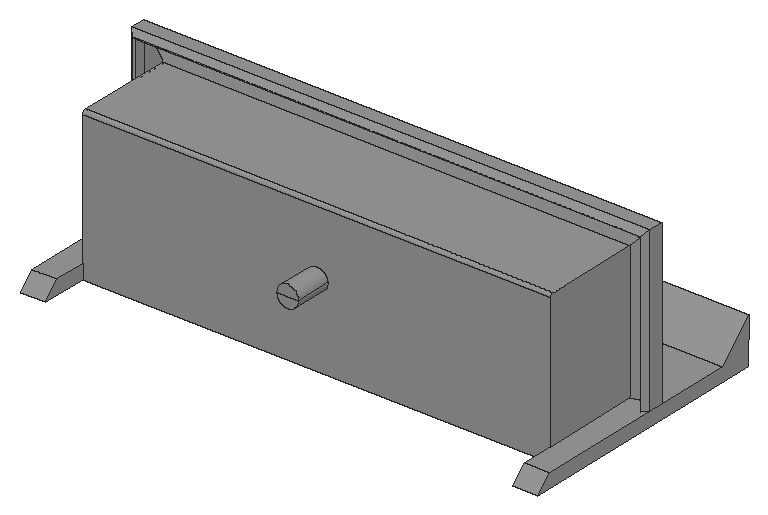
Revit family "Urinal-Willoughby-1800-UW-FA-TS", category Plumbing Fixtures, host Face, Revit 2014
Parameters (values of type "1836")
  Width = 3' - 0"
  Waste DIA = 1 1/2"
  Waste Connection = yes
  Vent Connection = no
  URL = "willoughby-ind.com"
  Type Comments = ""
  Trough Width = Width - 0' 3 1/2"  # 2' - 8 1/2"
  Revision = "A"
  Model = "UW-1836-FA-TS"
  Manufacturer = "Willoughby Industries"
  Half Width = Width / 2  # 1' - 6"
  HW Connection = no
  Fixture Body = Stainless Steel AISI 304-Willoughby(4)
  Description = "36\" Trough Urinal"
  Default Elevation = 0' - 0"
  Contact = "800-428-4065"
  CW inlet Diameter = 3/4"
  CW Connection = yes
  96" = no
  72" = no
  60" = no
  48" = no
  36" = yes
Types (6): name | Width | Trough Width | Half Width | Fixture Body | Description | CW inlet Diameter | 96" | 72" | 60" | 48" | 36"
  (no name) | 3' - 0" | 2' - 8 1/2" | 1' - 6" | Stainless Steel AISI 304-Willoughby(4) | "36\" Trough Urinal" | 3/4" | no | no | no | no | yes
  1848 | 4' - 0" | 3' - 8 1/2" | 2' - 0" | Stainless Steel AISI 304-Willoughby(3) | "48\" Trough Urinal" | 3/4" | no | no | no | yes | no
  1836 | 3' - 0" | 2' - 8 1/2" | 1' - 6" | Stainless Steel AISI 304-Willoughby(4) | "36\" Trough Urinal" | 3/4" | no | no | no | no | yes
  1860 | 5' - 0" | 4' - 8 1/2" | 2' - 6" | Stainless Steel AISI 304-Willoughby(2) | "60\" Trough Urinal" | 3/4" | no | no | yes | no | no
  1872 | 6' - 0" | 5' - 8 1/2" | 3' - 0" | Stainless Steel AISI 304-Willoughby | "72\" Trough Urinal" | 1 1/2" | no | yes | no | no | no
  1896 | 8' - 0" | 7' - 8 1/2" | 4' - 0" | Stainless Steel AISI 304-Willoughby(1) | "96\" Trough Urinal" | 1 1/2" | yes | no | no | no | no
Reference planes (in)
  plane 1 "Center (Front/Back)Floor Level": y = 0
  plane 2: z = 0
  plane 3 "Center (Left/Right)": x = 0
  plane 4 "Top Of Urinal": y = 20
  plane 5 "Top Of Unit": y = 28
  plane 6 "Botto Of Unit": y = 13
  plane 7 "Left extent": x = -18
  plane 8 "Right Extent": x = 18
  plane 9: z = 10.5
  plane 10: x = 16.25
  plane 11: x = -16.25
  plane 12 "Drain Center": z = 5.75
  plane 13 "Top Spud": z = 2.5
  plane 14 "top spud": z = 2.5
  plane 15: x = -16.15625
Forms (in)
  Extrusion 1, solid, material "Stainless Steel AISI 304-Willoughby(4)" <- "Fixture Body"
    sketch origin (0, 0, 0) x (0, 1, 0) y (0, 0, 1)
      loop
        line (13, 0) -> (28, 0) -> (28, 3.25) -> (25.75, 1) -> (13, 1) -> (13, 0)
    from -18 to 18
  Extrusion 2, solid, material "Stainless Steel AISI 304-Willoughby(4)" <- "Fixture Body"
    sketch origin (0, 0, 0) x (0, 1, 0) y (0, 0, 1)
      loop
        line (20, 1) -> (20, 10.5) -> (13.25, 10.5)
        arc (13.25, 10.5) -> (13.07322, 10.42678) -> (13, 10.25) r 0.25
        line (13, 10.25) -> (13, 1) -> (20, 1)
    from -16.25 to 16.25
  Sweep 3, solid, material "Stainless Steel AISI 304-Willoughby(4)" <- "Fixture Body", detail levels medium+fine
    path origin (0, 20, 0) x (-1, 0, 0) y (0, 0, 1)
      loop
        line (-16.25, 1) -> (-16.25, 10.5) -> (16.25, 10.5) -> (16.25, 1)
    profile origin (16.25, 20, 5.75) x (1, 0, 0) y (0, 1, 0)
      loop
        line (0, 0) -> (0, -0.09706) -> (1.65625, 0.34673) -> (1.65625, -0.49226) -> (1.33016, -0.81835) -> (1.39645, -0.88464) -> (1.75, -0.53109) -> (1.75, 0.46891) -> (0, 0)
  Extrusion 4, void
    sketch origin (0, 0, 0) x (0, 1, 0) y (0, 0, 1)
      loop
        line (20, 10.45984) -> (13.36653, 10.45984)
        arc (13.36653, 10.45984) -> (13.18975, 10.38661) -> (13.11653, 10.20984) r 0.25
        line (13.11653, 10.20984) -> (13.11653, 1.06937) -> (20, 1.06937) -> (20, 10.45984)
    from -16.15625 to 16.1513
  Revolve 5, solid, material "Stainless Steel AISI 304-Willoughby(4)" <- "Fixture Body", detail levels medium+fine
    sketch origin (0, 0, 5.75) x (1, 0, 0) y (0, 1, 0)
      loop
        line (0, 13.11653) -> (0, 10.5) -> (0.75, 10.5) -> (0.75, 13.11653) -> (0, 13.11653)
      axis (0, 13.11653) -> (0, 10.5)
    angle from 0 to 360
  Extrusion 6, solid, material "Stainless Steel AISI 304-Willoughby(4)" <- "Fixture Body"
    sketch origin (0, 0, 0) x (0, 1, 0) y (0, 0, 1)
      loop
        line (13, 0) -> (13, 1) -> (10.75, 1) -> (9.75, 0) -> (13, 0)
    from -18 to -16.25
  Extrusion 7, solid, material "Stainless Steel AISI 304-Willoughby(4)" <- "Fixture Body"
    sketch origin (0, 0, 0) x (0, 1, 0) y (0, 0, 1)
      loop
        line (13, 1) -> (10.75, 1) -> (9.75, 0) -> (13, 0) -> (13, 1)
    from 16.25 to 18
  Revolve 8, solid, material "Stainless Steel AISI 304-Willoughby(4)" <- "Fixture Body", detail levels medium+fine
    sketch origin (0, 0, 2.5) x (1, 0, 0) y (0, 1, 0)
      loop
        line (0, 28) -> (0.375, 28) -> (0.375, 29) -> (0, 29) -> (0, 28)
      axis (0, 29) -> (0, 28)
    angle from 0 to 360
Cuts and joins
  Extrusion 4 cuts Extrusion 2
  joined: Extrusion 1, Extrusion 2, Extrusion 6, Extrusion 7
  Extrusion 4 cuts Sweep 3
Lines and regions (in)
  symbolic lines
    curve 1: line (-16.25, 9.75, 2.5) -> (-18, 9.75, 2.5)
    curve 2: line (-18, 9.75, 2.5) -> (-18, 28, 2.5)
    curve 3: line (-18, 28, 2.5) -> (18, 28, 2.5)
    curve 4: line (18, 28, 2.5) -> (18, 9.75, 2.5)
    curve 5: line (18, 9.75, 2.5) -> (16.25, 9.75, 2.5)
    curve 6: line (16.25, 9.75, 2.5) -> (16.25, 13, 2.5)
    curve 7: line (16.25, 13, 2.5) -> (-16.25, 13, 2.5)
    curve 8: line (-16.25, 13, 2.5) -> (-16.25, 20, 2.5)
    curve 9: line (-16.25, 20, 2.5) -> (16.25, 20, 2.5)
    curve 10: line (16.25, 20, 2.5) -> (16.25, 13, 2.5)
    curve 17: line (-16.25, 13, 2.5) -> (-16.25, 9.75, 2.5)
    curve 20: line (-18, 20, 0) -> (18, 20, 0)
    curve 21: line (18, 20, 0) -> (18, 20, 12.25)
    curve 22: line (18, 20, 12.25) -> (-18, 20, 12.25)
    curve 23: line (-18, 20, 12.25) -> (-18, 20, 0)
    curve 29: line (0, 9.75, 0) -> (0, 28, 0)
    curve 30: line (0, 28, 0) -> (0, 28, 3.25)
    curve 31: line (0, 28, 3.25) -> (0, 25.75, 1)
    curve 32: line (0, 25.75, 1) -> (0, 10.75, 1)
    curve 33: line (0, 10.75, 1) -> (0, 9.75, 0)
    curve 34: line (0, 20, 1) -> (0, 20, 10.5)
    curve 35: line (0, 20, 10.5) -> (0, 13.25, 10.5)
    curve 36: arc (0, 13.25, 10.5) -> (0, 13.07322, 10.42678) -> (0, 13, 10.25) r 0.25
    curve 37: line (0, 13, 10.25) -> (0, 13, 1)
  symbolic lines, detail levels fine
    curve 11: line (-17.64645, 19.11536, 2.5) -> (17.64645, 19.11536, 2.5)
    curve 12: line (17.64645, 19.11536, 2.5) -> (18, 19.46891, 2.5)
    curve 13: line (18, 20.46891, 2.5) -> (16.25, 20, 2.5)
    curve 14: line (-17.64645, 19.11536, 2.5) -> (-18, 19.46891, 2.5)
    curve 26: line (-16.25, 20, 1) -> (-16.25, 20, 10.5)
    curve 27: line (-16.25, 20, 10.5) -> (16.25, 20, 10.5)
    curve 28: line (16.25, 20, 10.5) -> (16.25, 20, 1)
    curve 42: line (0, 20.46891, 12.25) -> (0, 20, 10.5)
    curve 43: line (0, 19.46891, 12.25) -> (0, 19.46891, 1)
  symbolic lines, detail levels medium+fine
    curve 15: line (-18, 20.46891, 2.5) -> (18, 20.46891, 2.5)
    curve 16: line (-18, 25.75, 2.5) -> (18, 25.75, 2.5)
    curve 18: line (-16.25, 10.75, 2.5) -> (-18, 10.75, 2.5)
    curve 19: line (16.25, 10.75, 2.5) -> (18, 10.75, 2.5)
    curve 24: line (-18, 20, 1) -> (18, 20, 1)
    curve 25: line (18, 20, 3.25) -> (-18, 20, 3.25)
    curve 38: line (0, 20.46891, 1) -> (0, 20.46891, 12.25)
    curve 39: line (0, 20.46891, 12.25) -> (0, 19.46891, 12.25)
    curve 40: line (0, 19.46891, 12.25) -> (0, 19.11536, 11.89645)
    curve 41: line (0, 19.11536, 11.89645) -> (0, 19.11536, 1)
Dimensions and locks (in)
  "Width": plane 7 "Left extent" to plane 8 "Right Extent"
  equal spacing: plane 7 "Left extent", plane 3 "Center (Left/Right)", plane 8 "Right Extent"
  plane 3 "Center (Left/Right)" to plane 8 "Right Extent" = 1' - 6"
  "Trough Width": plane 11 to plane 10
  equal spacing: plane 11, plane 3 "Center (Left/Right)", plane 10
  cut or joined group of Extrusion 1, Extrusion 2, Extrusion 4, Extrusion 6, Extrusion 7 to cut or joined group of Extrusion 1, Extrusion 2, Extrusion 4, Extrusion 6, Extrusion 7 = 0' - 1 3/4"
  locked: cut or joined group of Extrusion 1, Extrusion 2, Extrusion 4, Extrusion 6, Extrusion 7 to cut or joined group of Extrusion 1, Extrusion 2, Extrusion 4, Extrusion 6, Extrusion 7 at 0.0987
  plane 13 "Top Spud" to cut or joined group of Extrusion 1, Extrusion 2, Extrusion 4, Extrusion 6, Extrusion 7 = 0' - 0 3/4"
  plane 14 "top spud" to cut or joined group of Extrusion 1, Extrusion 2, Extrusion 4, Extrusion 6, Extrusion 7 = 0' - 0 3/4"
  cut or joined group of Extrusion 1, Extrusion 2, Extrusion 4, Extrusion 6, Extrusion 7 to cut or joined group of Extrusion 1, Extrusion 2, Extrusion 4, Extrusion 6, Extrusion 7 = 0' - 1 27/32"
  plane 11 to plane 15 = 0' - 0 3/32"
  aligned and locked: plane 2 to host face
  aligned and locked: level to host face
  aligned and locked: Extrusion 1 to level
  aligned and locked: plane 5 "Top Of Unit" to Extrusion 1
  aligned and locked: Extrusion 1 to plane 6 "Botto Of Unit"
  aligned and locked: Extrusion 1 to plane 8 "Right Extent"
  aligned and locked: plane 7 "Left extent" to Extrusion 1
  aligned and locked: plane 9 to Extrusion 2
  aligned and locked: plane 4 "Top Of Urinal" to Extrusion 2
  aligned and locked: Extrusion 2 to Extrusion 1
  aligned and locked: Extrusion 2 to plane 6 "Botto Of Unit"
  aligned and locked: plane 10 to Extrusion 2
  aligned and locked: Extrusion 2 to plane 11
  aligned and locked: plane 4 "Top Of Urinal" to Extrusion 4
  aligned and locked: Extrusion 2 to cut or joined group of Sweep 3, Extrusion 4  (x2)
  aligned and locked: cut or joined group of Extrusion 1, Extrusion 2, Extrusion 4, Extrusion 6, Extrusion 7 to Revolve 5 sketch curve
  aligned and locked: Revolve 5 sketch curve to Revolve 5 sketch curve  (x2)
  aligned and locked: Extrusion 6 to level
  aligned and locked: plane 6 "Botto Of Unit" to Extrusion 6
  aligned and locked: Extrusion 6 to cut or joined group of Extrusion 1, Extrusion 2, Extrusion 4, Extrusion 6, Extrusion 7
  aligned and locked: plane 11 to Extrusion 6
  aligned and locked: plane 7 "Left extent" to Extrusion 6
  aligned and locked: Extrusion 7 to plane 8 "Right Extent"
  aligned and locked: Extrusion 7 to plane 10
  aligned and locked: Revolve 8 sketch curve to Revolve 8 sketch curve  (x2)
  aligned and locked: curve 16 to cut or joined group of Extrusion 1, Extrusion 2, Extrusion 4, Extrusion 6, Extrusion 7
  aligned and locked: Extrusion 4 to plane 15
Automatic sketch dimensions
  host sketch curve to host sketch curve = 6' - 4.33791"
  host sketch curve to host sketch curve = 4' - 9.81011"
  Extrusion 1 sketch curve to level = 0' - 0"
  Extrusion 1 sketch curve to plane 6 "Botto Of Unit" = 0' - 0"
  Extrusion 1 sketch curve to plane 5 "Top Of Unit" = 0' - 0"
  level to Extrusion 1 sketch curve = 0' - 1"
  Extrusion 1 sketch curve to plane 5 "Top Of Unit" = 0' - 2 1/4"
  Extrusion 1 sketch curve to Extrusion 1 sketch curve = 0' - 2 1/4"
  Extrusion 2 sketch curve to plane 6 "Botto Of Unit" = 0' - 0"
  Extrusion 2 sketch curve to plane 9 = 0' - 0"
  Extrusion 2 sketch curve to plane 4 "Top Of Urinal" = 0' - 0"
  plane 6 "Botto Of Unit" to Extrusion 2 sketch curve = 0' - 0 1/4"
  level to Extrusion 2 sketch curve = 0' - 1"
  Sweep 3 sketch curve to plane 10 = 0' - 0"
  Sweep 3 sketch curve to plane 9 = 0' - 0"
  Sweep 3 sketch curve to plane 11 = 0' - 0"
  level to Sweep 3 sketch curve = 0' - 1"  (x2)
  Sweep 3 sketch curve to profile plane = 0' - 0"
  Sweep 3 sketch curve to plane 4 "Top Of Urinal" = 0' - 0"
  Sweep 3 sketch curve to profile plane = 0' - 1.33016"
  Sweep 3 sketch curve to plane 4 "Top Of Urinal" = 0' - 0.88464"
  Sweep 3 sketch curve to Sweep 3 sketch curve = 0' - 0.06629"
  plane 4 "Top Of Urinal" to Sweep 3 sketch curve = 0' - 0.34673"
  Sweep 3 sketch curve to Sweep 3 sketch curve = 0' - 0.32609"
  Sweep 3 sketch curve to plane 4 "Top Of Urinal" = 0' - 0.53109"
  Sweep 3 sketch curve to Sweep 3 sketch curve = 0' - 0 3/32"
  Sweep 3 sketch curve to Sweep 3 sketch curve = 0' - 0.12218"
  Sweep 3 sketch curve to Sweep 3 sketch curve = 0' - 0.09706"
  Extrusion 4 sketch curve to plane 4 "Top Of Urinal" = 0' - 0"
  plane 6 "Botto Of Unit" to Extrusion 4 sketch curve = 0' - 0.36653"
  plane 6 "Botto Of Unit" to Extrusion 4 sketch curve = 0' - 0.11653"
  level to Extrusion 4 sketch curve = 0' - 1.06937"
  Extrusion 4 sketch curve to plane 9 = 0' - 0.29016"
  Revolve 5 sketch curve to plane 3 "Center (Left/Right)" = 0' - 0"
  Revolve 5 sketch curve to Revolve 5 sketch curve = 0' - 0 3/4"
  Revolve 5 sketch curve to plane 6 "Botto Of Unit" = 0' - 2 1/2"
  Revolve 5 sketch curve to Revolve 5 sketch curve = 0' - 0"
  Extrusion 6 sketch curve to level = 0' - 0"
  Extrusion 6 sketch curve to plane 6 "Botto Of Unit" = 0' - 0"
  level to Extrusion 6 sketch curve = 0' - 1"
  Extrusion 6 sketch curve to plane 6 "Botto Of Unit" = 0' - 2 1/4"
  Extrusion 6 sketch curve to Extrusion 6 sketch curve = 0' - 1"
  Extrusion 7 sketch curve to level = 0' - 0"
  Extrusion 7 sketch curve to plane 6 "Botto Of Unit" = 0' - 0"
  Extrusion 7 sketch curve to Extrusion 7 sketch curve = 0' - 1"  (x2)
  Extrusion 7 sketch curve to plane 6 "Botto Of Unit" = 0' - 2 1/4"
  Revolve 8 sketch curve to plane 3 "Center (Left/Right)" = 0' - 0"
  Revolve 8 sketch curve to plane 5 "Top Of Unit" = 0' - 0"  (x2)
  Revolve 8 sketch curve to Revolve 8 sketch curve = 0' - 0 3/8"
  plane 5 "Top Of Unit" to Revolve 8 sketch curve = 0' - 1"
  curve 18 to plane 7 "Left extent" = 0' - 0"
  curve 17 to plane 6 "Botto Of Unit" = 0' - 0"
  curve 17 to plane 11 = 0' - 0"
  curve 10 to plane 4 "Top Of Urinal" = 0' - 0"
  curve 19 to plane 10 = 0' - 0"
  curve 15 to plane 8 "Right Extent" = 0' - 0"
  curve 3 to plane 5 "Top Of Unit" = 0' - 0"
  curve 14 to plane 7 "Left extent" = 0' - 0.35355"
  plane 8 "Right Extent" to curve 12 = 0' - 0.35355"
  curve 4 to plane 6 "Botto Of Unit" = 0' - 3 1/4"
  curve 17 to curve 7 = 0' - 3 1/4"
  curve 14 to plane 4 "Top Of Urinal" = 0' - 0.88464"
  plane 4 "Top Of Urinal" to curve 15 = 0' - 0.46891"
  curve 4 to curve 19 = 0' - 1"
  curve 1 to curve 18 = 0' - 1"
  curve 11 to curve 12 = 0' - 0.35355"
  curve 11 to curve 14 = 0' - 0.35355"
  curve 20 to level = 0' - 0"
  plane 8 "Right Extent" to curve 20 = 0' - 0"
  curve 28 to plane 9 = 0' - 0"
  curve 28 to plane 10 = 0' - 0"
  curve 27 to plane 11 = 0' - 0"
  plane 7 "Left extent" to curve 24 = 0' - 0"
  plane 9 to curve 22 = 0' - 1 3/4"
  level to curve 24 = 0' - 1"
  plane 14 "top spud" to curve 25 = 0' - 0 3/4"
  curve 29 to level = 0' - 0"
  curve 37 to plane 6 "Botto Of Unit" = 0' - 0"
  curve 35 to plane 9 = 0' - 0"
  curve 34 to plane 4 "Top Of Urinal" = 0' - 0"
  curve 29 to plane 5 "Top Of Unit" = 0' - 0"
  level to curve 32 = 0' - 1"
  curve 32 to plane 6 "Botto Of Unit" = 0' - 2 1/4"
  curve 33 to curve 32 = 0' - 1"
  plane 6 "Botto Of Unit" to curve 35 = 0' - 0 1/4"
  curve 41 to plane 4 "Top Of Urinal" = 0' - 0.88464"
  curve 40 to curve 40 = 0' - 0.35355"
  plane 4 "Top Of Urinal" to curve 39 = 0' - 0.46891"
  curve 31 to plane 5 "Top Of Unit" = 0' - 2 1/4"
  plane 14 "top spud" to curve 31 = 0' - 0 3/4"
  plane 9 to curve 40 = 0' - 1.39645"
  curve 40 to curve 39 = 0' - 0.35355"
Connectors (in)
  piping at (0, 10.5, 5.75), diameter 1.5, driven by "Waste DIA", driven by "Waste Connection"
    settings: on Revolve 5, index 1, connector inside diameter 24", connector length 0' - 0", flow factor 0, pipe flow 0 GPM, pressure drop 0.00 psi, fitting loss kfactor 0, connector angle 0.00°, fixture units 0, engagement length 0' - 0", angle of deflection 0.00°, flow configuration 0, flow direction 2, fitting loss method 0, system type 16, joint type 0, gender type 0, connector reference index -1, connector utility 1, adjustable connector no, is connector primary yes, connector description "Urinal Waste"
  piping at (0, 29, 2.5), diameter 0.75, driven by "CW inlet Diameter", driven by "CW Connection"
    settings: on Revolve 8, index 2, connector inside diameter 24", connector length 0' - 0", flow factor 0, pipe flow 0 GPM, pressure drop 0.00 psi, fitting loss kfactor 0, connector angle 0.00°, fixture units 0, engagement length 0' - 0", angle of deflection 0.00°, flow configuration 0, flow direction 1, fitting loss method 0, system type 20, joint type 0, gender type 0, connector reference index -1, connector utility 1, adjustable connector no, is connector primary no, connector description "Flush CW Inlet"
